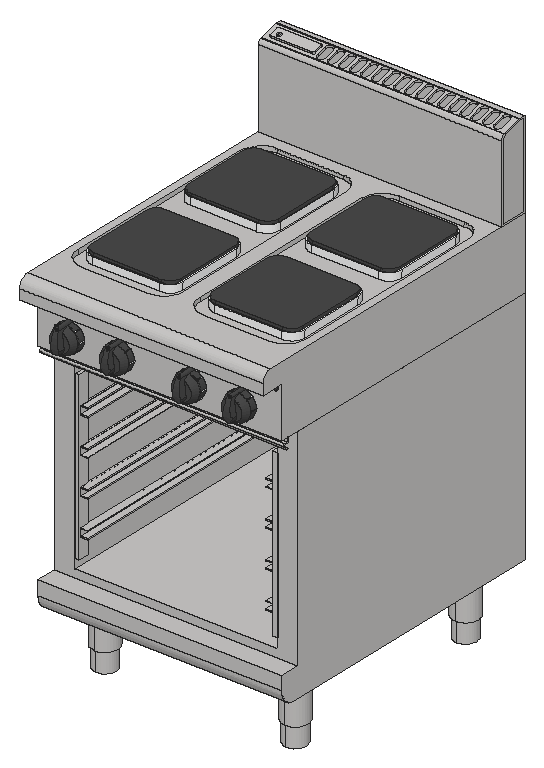
Revit family "QF_Moffat_RN8400SE-CB_Electric_Cooktops_Sealed_Hobs_cat", category Specialty Equipment, Revit 2019 (continued)
Definition of nested family "High and Low Option"
  Lines and regions (mm)
    symbolic lines
      curve 11: spline (156.588, -25.991, 0) -> (156.928, -23.491, 0) -> (157.927, -21.162, 0) -> (159.517, -19.161, 0) -> (161.588, -17.626, 0) -> (164, -16.661, 0) -> (166.588, -16.332, 0) -> (169.176, -16.661, 0) -> (171.588, -17.626, 0) -> (173.659, -19.161, 0) -> (175.248, -21.162, 0) -> (176.247, -23.491, 0) -> (176.588, -25.991, 0)
      curve 12: line (176.588, -25.991, 0) -> (176.588, -50.251, 0)
      curve 13: spline (176.588, -50.251, 0) -> (176.247, -52.751, 0) -> (175.248, -55.081, 0) -> (173.659, -57.081, 0) -> (171.588, -58.616, 0) -> (169.176, -59.581, 0) -> (166.588, -59.91, 0) -> (164, -59.581, 0) -> (161.588, -58.616, 0) -> (159.517, -57.081, 0) -> (157.927, -55.081, 0) -> (156.928, -52.751, 0) -> (156.588, -50.251, 0)
      curve 14: line (183.868, -50.251, 0) -> (183.868, -25.991, 0)
      curve 15: spline (183.868, -25.991, 0) -> (184.209, -23.491, 0) -> (185.208, -21.162, 0) -> (186.797, -19.161, 0) -> (188.868, -17.626, 0) -> (191.28, -16.661, 0) -> (193.868, -16.332, 0) -> (196.456, -16.661, 0) -> (198.868, -17.626, 0) -> (200.939, -19.161, 0) -> (202.528, -21.162, 0) -> (203.527, -23.491, 0) -> (203.868, -25.991, 0)
      curve 16: line (203.868, -25.991, 0) -> (203.868, -50.251, 0)
      curve 17: spline (203.868, -50.251, 0) -> (203.527, -52.751, 0) -> (202.528, -55.081, 0) -> (200.939, -57.081, 0) -> (198.868, -58.616, 0) -> (196.456, -59.581, 0) -> (193.868, -59.91, 0) -> (191.28, -59.581, 0) -> (188.868, -58.616, 0) -> (186.797, -57.081, 0) -> (185.208, -55.081, 0) -> (184.209, -52.751, 0) -> (183.868, -50.251, 0)
      curve 18: line (211.148, -50.251, 0) -> (211.148, -25.991, 0)
      curve 19: spline (211.148, -25.991, 0) -> (211.489, -23.491, 0) -> (212.488, -21.162, 0) -> (214.077, -19.161, 0) -> (216.148, -17.626, 0) -> (218.56, -16.661, 0) -> (221.148, -16.332, 0) -> (223.736, -16.661, 0) -> (226.148, -17.626, 0) -> (228.219, -19.161, 0) -> (229.808, -21.162, 0) -> (230.807, -23.491, 0) -> (231.148, -25.991, 0)
      curve 20: line (231.148, -25.991, 0) -> (231.148, -50.251, 0)
      curve 21: spline (231.148, -50.251, 0) -> (230.807, -52.751, 0) -> (229.808, -55.081, 0) -> (228.219, -57.081, 0) -> (226.148, -58.616, 0) -> (223.736, -59.581, 0) -> (221.148, -59.91, 0) -> (218.56, -59.581, 0) -> (216.148, -58.616, 0) -> (214.077, -57.081, 0) -> (212.488, -55.081, 0) -> (211.489, -52.751, 0) -> (211.148, -50.251, 0)
      curve 22: line (238.428, -50.251, 0) -> (238.428, -25.991, 0)
      curve 23: spline (238.428, -25.991, 0) -> (238.769, -23.491, 0) -> (239.768, -21.162, 0) -> (241.357, -19.161, 0) -> (243.428, -17.626, 0) -> (245.84, -16.661, 0) -> (248.428, -16.332, 0) -> (251.017, -16.661, 0) -> (253.428, -17.626, 0) -> (255.499, -19.161, 0) -> (257.089, -21.162, 0) -> (258.088, -23.491, 0) -> (258.428, -25.991, 0)
      curve 24: line (258.428, -25.991, 0) -> (258.428, -50.251, 0)
      curve 25: spline (258.428, -50.251, 0) -> (258.088, -52.751, 0) -> (257.089, -55.081, 0) -> (255.499, -57.081, 0) -> (253.428, -58.616, 0) -> (251.017, -59.581, 0) -> (248.428, -59.91, 0) -> (245.84, -59.581, 0) -> (243.428, -58.616, 0) -> (241.357, -57.081, 0) -> (239.768, -55.081, 0) -> (238.769, -52.751, 0) -> (238.428, -50.251, 0)
      curve 26: line (265.709, -50.251, 0) -> (265.709, -25.991, 0)
      curve 27: spline (265.709, -25.991, 0) -> (266.049, -23.491, 0) -> (267.048, -21.162, 0) -> (268.637, -19.161, 0) -> (270.709, -17.626, 0) -> (273.12, -16.661, 0) -> (275.709, -16.332, 0) -> (278.297, -16.661, 0) -> (280.709, -17.626, 0) -> (282.78, -19.161, 0) -> (284.369, -21.162, 0) -> (285.368, -23.491, 0) -> (285.709, -25.991, 0)
      curve 28: line (285.709, -25.991, 0) -> (285.709, -50.251, 0)
      curve 29: spline (285.709, -50.251, 0) -> (285.368, -52.751, 0) -> (284.369, -55.081, 0) -> (282.78, -57.081, 0) -> (280.709, -58.616, 0) -> (278.297, -59.581, 0) -> (275.709, -59.91, 0) -> (273.12, -59.581, 0) -> (270.709, -58.616, 0) -> (268.637, -57.081, 0) -> (267.048, -55.081, 0) -> (266.049, -52.751, 0) -> (265.709, -50.251, 0)
      curve 30: line (292.989, -50.251, 0) -> (292.989, -25.991, 0)
      curve 31: spline (292.989, -25.991, 0) -> (293.329, -23.491, 0) -> (294.329, -21.162, 0) -> (295.918, -19.161, 0) -> (297.989, -17.626, 0) -> (300.401, -16.661, 0) -> (302.989, -16.332, 0) -> (305.577, -16.661, 0) -> (307.989, -17.626, 0) -> (310.06, -19.161, 0) -> (311.649, -21.162, 0) -> (312.648, -23.491, 0) -> (312.989, -25.991, 0)
      curve 32: line (312.989, -25.991, 0) -> (312.989, -50.251, 0)
      curve 33: spline (312.989, -50.251, 0) -> (312.648, -52.751, 0) -> (311.649, -55.081, 0) -> (310.06, -57.081, 0) -> (307.989, -58.616, 0) -> (305.577, -59.581, 0) -> (302.989, -59.91, 0) -> (300.401, -59.581, 0) -> (297.989, -58.616, 0) -> (295.918, -57.081, 0) -> (294.329, -55.081, 0) -> (293.329, -52.751, 0) -> (292.989, -50.251, 0)
      curve 34: line (320.269, -50.251, 0) -> (320.269, -25.991, 0)
      curve 35: spline (320.269, -25.991, 0) -> (320.61, -23.491, 0) -> (321.609, -21.162, 0) -> (323.198, -19.161, 0) -> (325.269, -17.626, 0) -> (327.681, -16.661, 0) -> (330.269, -16.332, 0) -> (332.857, -16.661, 0) -> (335.269, -17.626, 0) -> (337.34, -19.161, 0) -> (338.929, -21.162, 0) -> (339.928, -23.491, 0) -> (340.269, -25.991, 0)
      curve 36: line (340.269, -25.991, 0) -> (340.269, -50.251, 0)
      curve 37: spline (340.269, -50.251, 0) -> (339.928, -52.751, 0) -> (338.929, -55.081, 0) -> (337.34, -57.081, 0) -> (335.269, -58.616, 0) -> (332.857, -59.581, 0) -> (330.269, -59.91, 0) -> (327.681, -59.581, 0) -> (325.269, -58.616, 0) -> (323.198, -57.081, 0) -> (321.609, -55.081, 0) -> (320.61, -52.751, 0) -> (320.269, -50.251, 0)
      curve 38: line (347.549, -50.251, 0) -> (347.549, -25.991, 0)
      curve 39: spline (347.549, -25.991, 0) -> (347.89, -23.491, 0) -> (348.889, -21.162, 0) -> (350.478, -19.161, 0) -> (352.549, -17.626, 0) -> (354.961, -16.661, 0) -> (357.549, -16.332, 0) -> (360.137, -16.661, 0) -> (362.549, -17.626, 0) -> (364.62, -19.161, 0) -> (366.209, -21.162, 0) -> (367.208, -23.491, 0) -> (367.549, -25.991, 0)
      curve 40: line (367.549, -25.991, 0) -> (367.549, -50.251, 0)
      curve 41: spline (367.549, -50.251, 0) -> (367.208, -52.751, 0) -> (366.209, -55.081, 0) -> (364.62, -57.081, 0) -> (362.549, -58.616, 0) -> (360.137, -59.581, 0) -> (357.549, -59.91, 0) -> (354.961, -59.581, 0) -> (352.549, -58.616, 0) -> (350.478, -57.081, 0) -> (348.889, -55.081, 0) -> (347.89, -52.751, 0) -> (347.549, -50.251, 0)
      curve 42: line (374.829, -50.251, 0) -> (374.829, -25.991, 0)
      curve 43: spline (374.829, -25.991, 0) -> (375.17, -23.491, 0) -> (376.169, -21.162, 0) -> (377.758, -19.161, 0) -> (379.829, -17.626, 0) -> (382.241, -16.661, 0) -> (384.829, -16.332, 0) -> (387.418, -16.661, 0) -> (389.829, -17.626, 0) -> (391.9, -19.161, 0) -> (393.49, -21.162, 0) -> (394.489, -23.491, 0) -> (394.829, -25.991, 0)
      curve 44: line (394.829, -25.991, 0) -> (394.829, -50.251, 0)
      curve 45: spline (394.829, -50.251, 0) -> (394.489, -52.751, 0) -> (393.49, -55.081, 0) -> (391.9, -57.081, 0) -> (389.829, -58.616, 0) -> (387.418, -59.581, 0) -> (384.829, -59.91, 0) -> (382.241, -59.581, 0) -> (379.829, -58.616, 0) -> (377.758, -57.081, 0) -> (376.169, -55.081, 0) -> (375.17, -52.751, 0) -> (374.829, -50.251, 0)
      curve 46: line (402.11, -50.251, 0) -> (402.11, -25.991, 0)
      curve 47: spline (402.11, -25.991, 0) -> (402.45, -23.491, 0) -> (403.449, -21.162, 0) -> (405.039, -19.161, 0) -> (407.11, -17.626, 0) -> (409.521, -16.661, 0) -> (412.11, -16.332, 0) -> (414.698, -16.661, 0) -> (417.11, -17.626, 0) -> (419.181, -19.161, 0) -> (420.77, -21.162, 0) -> (421.769, -23.491, 0) -> (422.11, -25.991, 0)
      curve 48: line (422.11, -25.991, 0) -> (422.11, -50.251, 0)
      curve 49: spline (422.11, -50.251, 0) -> (421.769, -52.751, 0) -> (420.77, -55.081, 0) -> (419.181, -57.081, 0) -> (417.11, -58.616, 0) -> (414.698, -59.581, 0) -> (412.11, -59.91, 0) -> (409.521, -59.581, 0) -> (407.11, -58.616, 0) -> (405.039, -57.081, 0) -> (403.449, -55.081, 0) -> (402.45, -52.751, 0) -> (402.11, -50.251, 0)
      curve 50: line (429.39, -50.251, 0) -> (429.39, -25.991, 0)
      curve 51: spline (429.39, -25.991, 0) -> (429.731, -23.491, 0) -> (430.73, -21.162, 0) -> (432.319, -19.161, 0) -> (434.39, -17.626, 0) -> (436.802, -16.661, 0) -> (439.39, -16.332, 0) -> (441.978, -16.661, 0) -> (444.39, -17.626, 0) -> (446.461, -19.161, 0) -> (448.05, -21.162, 0) -> (449.049, -23.491, 0) -> (449.39, -25.991, 0)
      curve 52: line (449.39, -25.991, 0) -> (449.39, -50.251, 0)
      curve 53: spline (449.39, -50.251, 0) -> (449.049, -52.751, 0) -> (448.05, -55.081, 0) -> (446.461, -57.081, 0) -> (444.39, -58.616, 0) -> (441.978, -59.581, 0) -> (439.39, -59.91, 0) -> (436.802, -59.581, 0) -> (434.39, -58.616, 0) -> (432.319, -57.081, 0) -> (430.73, -55.081, 0) -> (429.731, -52.751, 0) -> (429.39, -50.251, 0)
      curve 54: line (456.67, -50.251, 0) -> (456.67, -25.991, 0)
      curve 55: spline (456.67, -25.991, 0) -> (457.011, -23.491, 0) -> (458.01, -21.162, 0) -> (459.599, -19.161, 0) -> (461.67, -17.626, 0) -> (464.082, -16.661, 0) -> (466.67, -16.332, 0) -> (469.258, -16.661, 0) -> (471.67, -17.626, 0) -> (473.741, -19.161, 0) -> (475.33, -21.162, 0) -> (476.329, -23.491, 0) -> (476.67, -25.991, 0)
      curve 56: line (476.67, -25.991, 0) -> (476.67, -50.251, 0)
      curve 57: spline (476.67, -50.251, 0) -> (476.329, -52.751, 0) -> (475.33, -55.081, 0) -> (473.741, -57.081, 0) -> (471.67, -58.616, 0) -> (469.258, -59.581, 0) -> (466.67, -59.91, 0) -> (464.082, -59.581, 0) -> (461.67, -58.616, 0) -> (459.599, -57.081, 0) -> (458.01, -55.081, 0) -> (457.011, -52.751, 0) -> (456.67, -50.251, 0)
      curve 58: line (483.95, -50.251, 0) -> (483.95, -25.991, 0)
      curve 59: spline (483.95, -25.991, 0) -> (484.291, -23.491, 0) -> (485.29, -21.162, 0) -> (486.879, -19.161, 0) -> (488.95, -17.626, 0) -> (491.362, -16.661, 0) -> (493.95, -16.332, 0) -> (496.538, -16.661, 0) -> (498.95, -17.626, 0) -> (501.021, -19.161, 0) -> (502.61, -21.162, 0) -> (503.609, -23.491, 0) -> (503.95, -25.991, 0)
      curve 60: line (503.95, -25.991, 0) -> (503.95, -50.251, 0)
      curve 61: spline (503.95, -50.251, 0) -> (503.609, -52.751, 0) -> (502.61, -55.081, 0) -> (501.021, -57.081, 0) -> (498.95, -58.616, 0) -> (496.538, -59.581, 0) -> (493.95, -59.91, 0) -> (491.362, -59.581, 0) -> (488.95, -58.616, 0) -> (486.879, -57.081, 0) -> (485.29, -55.081, 0) -> (484.291, -52.751, 0) -> (483.95, -50.251, 0)
      curve 62: line (511.23, -50.251, 0) -> (511.23, -25.991, 0)
      curve 63: spline (511.23, -25.991, 0) -> (511.571, -23.491, 0) -> (512.57, -21.162, 0) -> (514.159, -19.161, 0) -> (516.23, -17.626, 0) -> (518.642, -16.661, 0) -> (521.23, -16.332, 0) -> (523.819, -16.661, 0) -> (526.23, -17.626, 0) -> (528.302, -19.161, 0) -> (529.891, -21.162, 0) -> (530.89, -23.491, 0) -> (531.23, -25.991, 0)
      curve 64: line (531.23, -25.991, 0) -> (531.23, -50.251, 0)
      curve 65: spline (531.23, -50.251, 0) -> (530.89, -52.751, 0) -> (529.891, -55.081, 0) -> (528.302, -57.081, 0) -> (526.23, -58.616, 0) -> (523.819, -59.581, 0) -> (521.23, -59.91, 0) -> (518.642, -59.581, 0) -> (516.23, -58.616, 0) -> (514.159, -57.081, 0) -> (512.57, -55.081, 0) -> (511.571, -52.751, 0) -> (511.23, -50.251, 0)
      curve 66: line (538.511, -50.251, 0) -> (538.511, -25.991, 0)
      curve 67: spline (538.511, -25.991, 0) -> (538.851, -23.491, 0) -> (539.85, -21.162, 0) -> (541.44, -19.161, 0) -> (543.511, -17.626, 0) -> (545.922, -16.661, 0) -> (548.511, -16.332, 0) -> (551.099, -16.661, 0) -> (553.511, -17.626, 0) -> (555.582, -19.161, 0) -> (557.171, -21.162, 0) -> (558.17, -23.491, 0) -> (558.511, -25.991, 0)
      curve 68: line (558.511, -25.991, 0) -> (558.511, -50.251, 0)
      curve 69: spline (558.511, -50.251, 0) -> (558.17, -52.751, 0) -> (557.171, -55.081, 0) -> (555.582, -57.081, 0) -> (553.511, -58.616, 0) -> (551.099, -59.581, 0) -> (548.511, -59.91, 0) -> (545.922, -59.581, 0) -> (543.511, -58.616, 0) -> (541.44, -57.081, 0) -> (539.85, -55.081, 0) -> (538.851, -52.751, 0) -> (538.511, -50.251, 0)
      curve 70: line (565.791, -50.251, 0) -> (565.791, -25.991, 0)
      curve 71: spline (565.791, -25.991, 0) -> (566.132, -23.491, 0) -> (567.131, -21.162, 0) -> (568.72, -19.161, 0) -> (570.791, -17.626, 0) -> (573.203, -16.661, 0) -> (575.791, -16.332, 0) -> (578.379, -16.661, 0) -> (580.791, -17.626, 0) -> (582.862, -19.161, 0) -> (584.451, -21.162, 0) -> (585.45, -23.491, 0) -> (585.791, -25.991, 0)
      curve 72: line (585.791, -25.991, 0) -> (585.791, -50.251, 0)
      curve 73: spline (585.791, -50.251, 0) -> (585.45, -52.751, 0) -> (584.451, -55.081, 0) -> (582.862, -57.081, 0) -> (580.791, -58.616, 0) -> (578.379, -59.581, 0) -> (575.791, -59.91, 0) -> (573.203, -59.581, 0) -> (570.791, -58.616, 0) -> (568.72, -57.081, 0) -> (567.131, -55.081, 0) -> (566.132, -52.751, 0) -> (565.791, -50.251, 0)
      curve 146: line (0, 0, 0) -> (600, 0, 0)
      curve 147: line (0, -70, 0) -> (0, 0, 0)
      curve 148: line (600, -70, 0) -> (0, -70, 0)
      curve 149: line (600, 0, 0) -> (600, -70, 0)
    symbolic lines, not visible
      curve 74: line (0, 0, 0) -> (600, 0, 0)
      curve 75: line (0, -70, 0) -> (0, 0, 0)
      curve 76: line (600, -70, 0) -> (0, -70, 0)
      curve 77: line (600, 0, 0) -> (600, -70, 0)
      curve 78: line (129.307, -50.251, 0) -> (129.307, -25.991, 0)
      curve 79: spline (129.307, -25.991, 0) -> (129.648, -23.491, 0) -> (130.647, -21.162, 0) -> (132.236, -19.161, 0) -> (134.307, -17.626, 0) -> (136.719, -16.661, 0) -> (139.307, -16.332, 0) -> (141.896, -16.661, 0) -> (144.307, -17.626, 0) -> (146.379, -19.161, 0) -> (147.968, -21.162, 0) -> (148.967, -23.491, 0) -> (149.307, -25.991, 0)
      curve 80: line (149.307, -25.991, 0) -> (149.307, -50.251, 0)
      curve 81: spline (149.307, -50.251, 0) -> (148.967, -52.751, 0) -> (147.968, -55.081, 0) -> (146.379, -57.081, 0) -> (144.307, -58.616, 0) -> (141.896, -59.581, 0) -> (139.307, -59.91, 0) -> (136.719, -59.581, 0) -> (134.307, -58.616, 0) -> (132.236, -57.081, 0) -> (130.647, -55.081, 0) -> (129.648, -52.751, 0) -> (129.307, -50.251, 0)
      curve 82: line (156.588, -50.251, 0) -> (156.588, -25.991, 0)
      curve 83: spline (156.588, -25.991, 0) -> (156.928, -23.491, 0) -> (157.927, -21.162, 0) -> (159.517, -19.161, 0) -> (161.588, -17.626, 0) -> (164, -16.661, 0) -> (166.588, -16.332, 0) -> (169.176, -16.661, 0) -> (171.588, -17.626, 0) -> (173.659, -19.161, 0) -> (175.248, -21.162, 0) -> (176.247, -23.491, 0) -> (176.588, -25.991, 0)
      curve 84: line (176.588, -25.991, 0) -> (176.588, -50.251, 0)
      curve 85: spline (176.588, -50.251, 0) -> (176.247, -52.751, 0) -> (175.248, -55.081, 0) -> (173.659, -57.081, 0) -> (171.588, -58.616, 0) -> (169.176, -59.581, 0) -> (166.588, -59.91, 0) -> (164, -59.581, 0) -> (161.588, -58.616, 0) -> (159.517, -57.081, 0) -> (157.927, -55.081, 0) -> (156.928, -52.751, 0) -> (156.588, -50.251, 0)
      curve 86: line (183.868, -50.251, 0) -> (183.868, -25.991, 0)
      curve 87: spline (183.868, -25.991, 0) -> (184.209, -23.491, 0) -> (185.208, -21.162, 0) -> (186.797, -19.161, 0) -> (188.868, -17.626, 0) -> (191.28, -16.661, 0) -> (193.868, -16.332, 0) -> (196.456, -16.661, 0) -> (198.868, -17.626, 0) -> (200.939, -19.161, 0) -> (202.528, -21.162, 0) -> (203.527, -23.491, 0) -> (203.868, -25.991, 0)
      curve 88: line (203.868, -25.991, 0) -> (203.868, -50.251, 0)
      curve 89: spline (203.868, -50.251, 0) -> (203.527, -52.751, 0) -> (202.528, -55.081, 0) -> (200.939, -57.081, 0) -> (198.868, -58.616, 0) -> (196.456, -59.581, 0) -> (193.868, -59.91, 0) -> (191.28, -59.581, 0) -> (188.868, -58.616, 0) -> (186.797, -57.081, 0) -> (185.208, -55.081, 0) -> (184.209, -52.751, 0) -> (183.868, -50.251, 0)
      curve 90: line (211.148, -50.251, 0) -> (211.148, -25.991, 0)
      curve 91: spline (211.148, -25.991, 0) -> (211.489, -23.491, 0) -> (212.488, -21.162, 0) -> (214.077, -19.161, 0) -> (216.148, -17.626, 0) -> (218.56, -16.661, 0) -> (221.148, -16.332, 0) -> (223.736, -16.661, 0) -> (226.148, -17.626, 0) -> (228.219, -19.161, 0) -> (229.808, -21.162, 0) -> (230.807, -23.491, 0) -> (231.148, -25.991, 0)
      curve 92: line (231.148, -25.991, 0) -> (231.148, -50.251, 0)
      curve 93: spline (231.148, -50.251, 0) -> (230.807, -52.751, 0) -> (229.808, -55.081, 0) -> (228.219, -57.081, 0) -> (226.148, -58.616, 0) -> (223.736, -59.581, 0) -> (221.148, -59.91, 0) -> (218.56, -59.581, 0) -> (216.148, -58.616, 0) -> (214.077, -57.081, 0) -> (212.488, -55.081, 0) -> (211.489, -52.751, 0) -> (211.148, -50.251, 0)
      curve 94: line (238.428, -50.251, 0) -> (238.428, -25.991, 0)
      curve 95: spline (238.428, -25.991, 0) -> (238.769, -23.491, 0) -> (239.768, -21.162, 0) -> (241.357, -19.161, 0) -> (243.428, -17.626, 0) -> (245.84, -16.661, 0) -> (248.428, -16.332, 0) -> (251.017, -16.661, 0) -> (253.428, -17.626, 0) -> (255.499, -19.161, 0) -> (257.089, -21.162, 0) -> (258.088, -23.491, 0) -> (258.428, -25.991, 0)
      curve 96: line (258.428, -25.991, 0) -> (258.428, -50.251, 0)
      curve 97: spline (258.428, -50.251, 0) -> (258.088, -52.751, 0) -> (257.089, -55.081, 0) -> (255.499, -57.081, 0) -> (253.428, -58.616, 0) -> (251.017, -59.581, 0) -> (248.428, -59.91, 0) -> (245.84, -59.581, 0) -> (243.428, -58.616, 0) -> (241.357, -57.081, 0) -> (239.768, -55.081, 0) -> (238.769, -52.751, 0) -> (238.428, -50.251, 0)
      curve 98: line (265.709, -50.251, 0) -> (265.709, -25.991, 0)
      curve 99: spline (265.709, -25.991, 0) -> (266.049, -23.491, 0) -> (267.048, -21.162, 0) -> (268.637, -19.161, 0) -> (270.709, -17.626, 0) -> (273.12, -16.661, 0) -> (275.709, -16.332, 0) -> (278.297, -16.661, 0) -> (280.709, -17.626, 0) -> (282.78, -19.161, 0) -> (284.369, -21.162, 0) -> (285.368, -23.491, 0) -> (285.709, -25.991, 0)
      curve 100: line (285.709, -25.991, 0) -> (285.709, -50.251, 0)
      curve 101: spline (285.709, -50.251, 0) -> (285.368, -52.751, 0) -> (284.369, -55.081, 0) -> (282.78, -57.081, 0) -> (280.709, -58.616, 0) -> (278.297, -59.581, 0) -> (275.709, -59.91, 0) -> (273.12, -59.581, 0) -> (270.709, -58.616, 0) -> (268.637, -57.081, 0) -> (267.048, -55.081, 0) -> (266.049, -52.751, 0) -> (265.709, -50.251, 0)
      curve 102: line (292.989, -50.251, 0) -> (292.989, -25.991, 0)
      curve 103: spline (292.989, -25.991, 0) -> (293.329, -23.491, 0) -> (294.329, -21.162, 0) -> (295.918, -19.161, 0) -> (297.989, -17.626, 0) -> (300.401, -16.661, 0) -> (302.989, -16.332, 0) -> (305.577, -16.661, 0) -> (307.989, -17.626, 0) -> (310.06, -19.161, 0) -> (311.649, -21.162, 0) -> (312.648, -23.491, 0) -> (312.989, -25.991, 0)
      curve 104: line (312.989, -25.991, 0) -> (312.989, -50.251, 0)
      curve 105: spline (312.989, -50.251, 0) -> (312.648, -52.751, 0) -> (311.649, -55.081, 0) -> (310.06, -57.081, 0) -> (307.989, -58.616, 0) -> (305.577, -59.581, 0) -> (302.989, -59.91, 0) -> (300.401, -59.581, 0) -> (297.989, -58.616, 0) -> (295.918, -57.081, 0) -> (294.329, -55.081, 0) -> (293.329, -52.751, 0) -> (292.989, -50.251, 0)
      curve 106: line (320.269, -50.251, 0) -> (320.269, -25.991, 0)
      curve 107: spline (320.269, -25.991, 0) -> (320.61, -23.491, 0) -> (321.609, -21.162, 0) -> (323.198, -19.161, 0) -> (325.269, -17.626, 0) -> (327.681, -16.661, 0) -> (330.269, -16.332, 0) -> (332.857, -16.661, 0) -> (335.269, -17.626, 0) -> (337.34, -19.161, 0) -> (338.929, -21.162, 0) -> (339.928, -23.491, 0) -> (340.269, -25.991, 0)
      curve 108: line (340.269, -25.991, 0) -> (340.269, -50.251, 0)
      curve 109: spline (340.269, -50.251, 0) -> (339.928, -52.751, 0) -> (338.929, -55.081, 0) -> (337.34, -57.081, 0) -> (335.269, -58.616, 0) -> (332.857, -59.581, 0) -> (330.269, -59.91, 0) -> (327.681, -59.581, 0) -> (325.269, -58.616, 0) -> (323.198, -57.081, 0) -> (321.609, -55.081, 0) -> (320.61, -52.751, 0) -> (320.269, -50.251, 0)
      curve 110: line (347.549, -50.251, 0) -> (347.549, -25.991, 0)
      curve 111: spline (347.549, -25.991, 0) -> (347.89, -23.491, 0) -> (348.889, -21.162, 0) -> (350.478, -19.161, 0) -> (352.549, -17.626, 0) -> (354.961, -16.661, 0) -> (357.549, -16.332, 0) -> (360.137, -16.661, 0) -> (362.549, -17.626, 0) -> (364.62, -19.161, 0) -> (366.209, -21.162, 0) -> (367.208, -23.491, 0) -> (367.549, -25.991, 0)
      curve 112: line (367.549, -25.991, 0) -> (367.549, -50.251, 0)
      curve 113: spline (367.549, -50.251, 0) -> (367.208, -52.751, 0) -> (366.209, -55.081, 0) -> (364.62, -57.081, 0) -> (362.549, -58.616, 0) -> (360.137, -59.581, 0) -> (357.549, -59.91, 0) -> (354.961, -59.581, 0) -> (352.549, -58.616, 0) -> (350.478, -57.081, 0) -> (348.889, -55.081, 0) -> (347.89, -52.751, 0) -> (347.549, -50.251, 0)
      curve 114: line (374.829, -50.251, 0) -> (374.829, -25.991, 0)
      curve 115: spline (374.829, -25.991, 0) -> (375.17, -23.491, 0) -> (376.169, -21.162, 0) -> (377.758, -19.161, 0) -> (379.829, -17.626, 0) -> (382.241, -16.661, 0) -> (384.829, -16.332, 0) -> (387.418, -16.661, 0) -> (389.829, -17.626, 0) -> (391.9, -19.161, 0) -> (393.49, -21.162, 0) -> (394.489, -23.491, 0) -> (394.829, -25.991, 0)
      curve 116: line (394.829, -25.991, 0) -> (394.829, -50.251, 0)
      curve 117: spline (394.829, -50.251, 0) -> (394.489, -52.751, 0) -> (393.49, -55.081, 0) -> (391.9, -57.081, 0) -> (389.829, -58.616, 0) -> (387.418, -59.581, 0) -> (384.829, -59.91, 0) -> (382.241, -59.581, 0) -> (379.829, -58.616, 0) -> (377.758, -57.081, 0) -> (376.169, -55.081, 0) -> (375.17, -52.751, 0) -> (374.829, -50.251, 0)
      curve 118: line (402.11, -50.251, 0) -> (402.11, -25.991, 0)
      curve 119: spline (402.11, -25.991, 0) -> (402.45, -23.491, 0) -> (403.449, -21.162, 0) -> (405.039, -19.161, 0) -> (407.11, -17.626, 0) -> (409.521, -16.661, 0) -> (412.11, -16.332, 0) -> (414.698, -16.661, 0) -> (417.11, -17.626, 0) -> (419.181, -19.161, 0) -> (420.77, -21.162, 0) -> (421.769, -23.491, 0) -> (422.11, -25.991, 0)
      curve 120: line (422.11, -25.991, 0) -> (422.11, -50.251, 0)
      curve 121: spline (422.11, -50.251, 0) -> (421.769, -52.751, 0) -> (420.77, -55.081, 0) -> (419.181, -57.081, 0) -> (417.11, -58.616, 0) -> (414.698, -59.581, 0) -> (412.11, -59.91, 0) -> (409.521, -59.581, 0) -> (407.11, -58.616, 0) -> (405.039, -57.081, 0) -> (403.449, -55.081, 0) -> (402.45, -52.751, 0) -> (402.11, -50.251, 0)
      curve 122: line (429.39, -50.251, 0) -> (429.39, -25.991, 0)
      curve 123: spline (429.39, -25.991, 0) -> (429.731, -23.491, 0) -> (430.73, -21.162, 0) -> (432.319, -19.161, 0) -> (434.39, -17.626, 0) -> (436.802, -16.661, 0) -> (439.39, -16.332, 0) -> (441.978, -16.661, 0) -> (444.39, -17.626, 0) -> (446.461, -19.161, 0) -> (448.05, -21.162, 0) -> (449.049, -23.491, 0) -> (449.39, -25.991, 0)
      curve 124: line (449.39, -25.991, 0) -> (449.39, -50.251, 0)
      curve 125: spline (449.39, -50.251, 0) -> (449.049, -52.751, 0) -> (448.05, -55.081, 0) -> (446.461, -57.081, 0) -> (444.39, -58.616, 0) -> (441.978, -59.581, 0) -> (439.39, -59.91, 0) -> (436.802, -59.581, 0) -> (434.39, -58.616, 0) -> (432.319, -57.081, 0) -> (430.73, -55.081, 0) -> (429.731, -52.751, 0) -> (429.39, -50.251, 0)
      curve 126: line (456.67, -50.251, 0) -> (456.67, -25.991, 0)
      curve 127: spline (456.67, -25.991, 0) -> (457.011, -23.491, 0) -> (458.01, -21.162, 0) -> (459.599, -19.161, 0) -> (461.67, -17.626, 0) -> (464.082, -16.661, 0) -> (466.67, -16.332, 0) -> (469.258, -16.661, 0) -> (471.67, -17.626, 0) -> (473.741, -19.161, 0) -> (475.33, -21.162, 0) -> (476.329, -23.491, 0) -> (476.67, -25.991, 0)
      curve 128: line (476.67, -25.991, 0) -> (476.67, -50.251, 0)
      curve 129: spline (476.67, -50.251, 0) -> (476.329, -52.751, 0) -> (475.33, -55.081, 0) -> (473.741, -57.081, 0) -> (471.67, -58.616, 0) -> (469.258, -59.581, 0) -> (466.67, -59.91, 0) -> (464.082, -59.581, 0) -> (461.67, -58.616, 0) -> (459.599, -57.081, 0) -> (458.01, -55.081, 0) -> (457.011, -52.751, 0) -> (456.67, -50.251, 0)
      curve 130: line (483.95, -50.251, 0) -> (483.95, -25.991, 0)
      curve 131: spline (483.95, -25.991, 0) -> (484.291, -23.491, 0) -> (485.29, -21.162, 0) -> (486.879, -19.161, 0) -> (488.95, -17.626, 0) -> (491.362, -16.661, 0) -> (493.95, -16.332, 0) -> (496.538, -16.661, 0) -> (498.95, -17.626, 0) -> (501.021, -19.161, 0) -> (502.61, -21.162, 0) -> (503.609, -23.491, 0) -> (503.95, -25.991, 0)
      curve 132: line (503.95, -25.991, 0) -> (503.95, -50.251, 0)
      curve 133: spline (503.95, -50.251, 0) -> (503.609, -52.751, 0) -> (502.61, -55.081, 0) -> (501.021, -57.081, 0) -> (498.95, -58.616, 0) -> (496.538, -59.581, 0) -> (493.95, -59.91, 0) -> (491.362, -59.581, 0) -> (488.95, -58.616, 0) -> (486.879, -57.081, 0) -> (485.29, -55.081, 0) -> (484.291, -52.751, 0) -> (483.95, -50.251, 0)
      curve 134: line (511.23, -50.251, 0) -> (511.23, -25.991, 0)
      curve 135: spline (511.23, -25.991, 0) -> (511.571, -23.491, 0) -> (512.57, -21.162, 0) -> (514.159, -19.161, 0) -> (516.23, -17.626, 0) -> (518.642, -16.661, 0) -> (521.23, -16.332, 0) -> (523.819, -16.661, 0) -> (526.23, -17.626, 0) -> (528.302, -19.161, 0) -> (529.891, -21.162, 0) -> (530.89, -23.491, 0) -> (531.23, -25.991, 0)
      curve 136: line (531.23, -25.991, 0) -> (531.23, -50.251, 0)
      curve 137: spline (531.23, -50.251, 0) -> (530.89, -52.751, 0) -> (529.891, -55.081, 0) -> (528.302, -57.081, 0) -> (526.23, -58.616, 0) -> (523.819, -59.581, 0) -> (521.23, -59.91, 0) -> (518.642, -59.581, 0) -> (516.23, -58.616, 0) -> (514.159, -57.081, 0) -> (512.57, -55.081, 0) -> (511.571, -52.751, 0) -> (511.23, -50.251, 0)
      curve 138: line (538.511, -50.251, 0) -> (538.511, -25.991, 0)
      curve 139: spline (538.511, -25.991, 0) -> (538.851, -23.491, 0) -> (539.85, -21.162, 0) -> (541.44, -19.161, 0) -> (543.511, -17.626, 0) -> (545.922, -16.661, 0) -> (548.511, -16.332, 0) -> (551.099, -16.661, 0) -> (553.511, -17.626, 0) -> (555.582, -19.161, 0) -> (557.171, -21.162, 0) -> (558.17, -23.491, 0) -> (558.511, -25.991, 0)
      curve 140: line (558.511, -25.991, 0) -> (558.511, -50.251, 0)
      curve 141: spline (558.511, -50.251, 0) -> (558.17, -52.751, 0) -> (557.171, -55.081, 0) -> (555.582, -57.081, 0) -> (553.511, -58.616, 0) -> (551.099, -59.581, 0) -> (548.511, -59.91, 0) -> (545.922, -59.581, 0) -> (543.511, -58.616, 0) -> (541.44, -57.081, 0) -> (539.85, -55.081, 0) -> (538.851, -52.751, 0) -> (538.511, -50.251, 0)
      curve 142: line (565.791, -50.251, 0) -> (565.791, -25.991, 0)
      curve 143: spline (565.791, -25.991, 0) -> (566.132, -23.491, 0) -> (567.131, -21.162, 0) -> (568.72, -19.161, 0) -> (570.791, -17.626, 0) -> (573.203, -16.661, 0) -> (575.791, -16.332, 0) -> (578.379, -16.661, 0) -> (580.791, -17.626, 0) -> (582.862, -19.161, 0) -> (584.451, -21.162, 0) -> (585.45, -23.491, 0) -> (585.791, -25.991, 0)
      curve 144: line (585.791, -25.991, 0) -> (585.791, -50.251, 0)
      curve 145: spline (585.791, -50.251, 0) -> (585.45, -52.751, 0) -> (584.451, -55.081, 0) -> (582.862, -57.081, 0) -> (580.791, -58.616, 0) -> (578.379, -59.581, 0) -> (575.791, -59.91, 0) -> (573.203, -59.581, 0) -> (570.791, -58.616, 0) -> (568.72, -57.081, 0) -> (567.131, -55.081, 0) -> (566.132, -52.751, 0) -> (565.791, -50.251, 0)
      curve 150: line (0, 0, 0) -> (600, 0, 0)
      curve 151: line (0, -70, 0) -> (0, 0, 0)
      curve 152: line (600, -70, 0) -> (0, -70, 0)
      curve 153: line (600, 0, 0) -> (600, -70, 0)
  Dimensions and locks
    equal spacing: plane 3 "LEFT", plane 7 "Center Y", plane 4 "RIGHT"
    "Length": plane 3 "LEFT" to plane 4 "RIGHT"
    equal spacing: plane 5 "FRONT", plane 8 "Center X", plane 1 "BACK"
    "Depth": plane 5 "FRONT" to plane 1 "BACK"
    "Height": plane 6 "TOP" to level
    plane 4 "RIGHT" to plane 3 "LEFT" = 600 mm
    plane 1 "BACK" to plane 5 "FRONT" = 805 mm
    plane 9 to plane 10 = 769 mm
    plane 12 to plane 2 = 675 mm
    plane 6 "TOP" to level = 970 mm
    plane 13 to level = 1130 mm
    plane 13 to plane 15 = 215 mm
    aligned and locked: level to plane 2
  Automatic sketch dimensions
    plane 1 "BACK" to curve 1 = 71.587 mm
    curve 1 to plane 6 "TOP" = 46.75 mm
    curve 1 to curve 1 = 23 mm
    curve 2 to curve 6 = 129.307 mm
    curve 6 to curve 8 = 20 mm
    curve 8 to curve 10 = 7.28 mm
    curve 10 to curve 12 = 20 mm
    curve 12 to curve 14 = 7.28 mm
    curve 14 to curve 16 = 20 mm
    curve 16 to curve 18 = 7.28 mm
    curve 18 to curve 20 = 20 mm
    curve 20 to curve 22 = 7.28 mm
    curve 22 to curve 24 = 20 mm
    curve 24 to curve 26 = 7.28 mm
    curve 29 to curve 28 = 20 mm
    curve 27 to curve 30 = 7.28 mm
    curve 30 to curve 32 = 20 mm
    curve 33 to curve 34 = 7.28 mm
    curve 34 to curve 36 = 20 mm
    curve 37 to curve 38 = 7.28 mm
    curve 41 to curve 40 = 20 mm
    curve 41 to curve 42 = 7.28 mm
    curve 45 to curve 44 = 20 mm
    curve 45 to curve 46 = 7.28 mm
    curve 46 to curve 48 = 20 mm
    curve 49 to curve 50 = 7.28 mm
    curve 50 to curve 52 = 20 mm
    curve 53 to curve 54 = 7.28 mm
    curve 57 to curve 56 = 20 mm
    curve 57 to curve 58 = 7.28 mm
    curve 58 to curve 60 = 20 mm
    curve 61 to curve 62 = 7.28 mm
    curve 62 to curve 64 = 20 mm
    curve 65 to curve 66 = 7.28 mm
    curve 66 to curve 68 = 20 mm
    curve 69 to curve 70 = 7.28 mm
    curve 70 to curve 72 = 20 mm
    curve 3 to curve 6 = 19.749 mm
    curve 8 to curve 10 = 0 mm
    curve 12 to curve 14 = 0 mm
    curve 16 to curve 18 = 0 mm
    curve 20 to curve 22 = 0 mm
    curve 24 to curve 26 = 0 mm
    curve 29 to curve 30 = 0 mm
    curve 33 to curve 34 = 0 mm
    curve 37 to curve 38 = 0 mm
    curve 68 to curve 70 = 0 mm  (x2)
    curve 41 to curve 42 = 0 mm
    curve 64 to curve 69 = 0 mm
    curve 45 to curve 46 = 0 mm
    curve 60 to curve 65 = 0 mm
    curve 49 to curve 50 = 0 mm
    curve 56 to curve 58 = 0 mm  (x2)
    curve 52 to curve 52 = 24.26 mm
    curve 52 to curve 54 = 0 mm
    curve 48 to curve 51 = 0 mm
    curve 44 to curve 47 = 0 mm
    curve 59 to curve 62 = 0 mm
    curve 40 to curve 43 = 0 mm
    curve 64 to curve 66 = 0 mm
    curve 36 to curve 39 = 0 mm
    curve 32 to curve 35 = 0 mm
    curve 28 to curve 31 = 0 mm
    curve 24 to curve 27 = 0 mm
    curve 20 to curve 23 = 0 mm
    curve 16 to curve 19 = 0 mm
    curve 12 to curve 15 = 0 mm
    curve 8 to curve 11 = 0 mm
    curve 3 to curve 3 = 70 mm
    Extrusion 5 sketch curve to Extrusion 5 sketch curve = 11.379 mm  (x2)
    Extrusion 5 sketch curve to Extrusion 5 sketch curve = 0 mm  (x26)
    Extrusion 5 sketch curve to Extrusion 5 sketch curve = 25.116 mm  (x6)
    Extrusion 5 sketch curve to Extrusion 5 sketch curve = 47.732 mm
    Extrusion 5 sketch curve to Extrusion 5 sketch curve = 129.307 mm
    Extrusion 5 sketch curve to Extrusion 5 sketch curve = 10 mm  (x17)
    Extrusion 5 sketch curve to Extrusion 5 sketch curve = 7.28 mm  (x16)
    Extrusion 5 sketch curve to Extrusion 5 sketch curve = 14.209 mm
    curve 72 to curve 2 = 14.209 mm
    curve 72 to curve 71 = 24.26 mm
    curve 74 to curve 78 = 129.307 mm
    curve 78 to curve 80 = 20 mm
    curve 80 to curve 82 = 7.28 mm
    curve 82 to curve 84 = 20 mm
    curve 84 to curve 86 = 7.28 mm
    curve 86 to curve 88 = 20 mm
    curve 88 to curve 90 = 7.28 mm
    curve 90 to curve 92 = 20 mm
    curve 92 to curve 94 = 7.28 mm
    curve 94 to curve 96 = 20 mm
    curve 96 to curve 98 = 7.28 mm
    curve 101 to curve 100 = 20 mm
    curve 99 to curve 102 = 7.28 mm
    curve 102 to curve 104 = 20 mm
    curve 105 to curve 106 = 7.28 mm
    curve 106 to curve 108 = 20 mm
    curve 109 to curve 110 = 7.28 mm
    curve 113 to curve 112 = 20 mm
    curve 113 to curve 114 = 7.28 mm
    curve 117 to curve 116 = 20 mm
    curve 117 to curve 118 = 7.28 mm
    curve 118 to curve 120 = 20 mm
    curve 121 to curve 122 = 7.28 mm
    curve 122 to curve 124 = 20 mm
    curve 125 to curve 126 = 7.28 mm
    curve 129 to curve 128 = 20 mm
    curve 129 to curve 130 = 7.28 mm
    curve 130 to curve 132 = 20 mm
    curve 133 to curve 134 = 7.28 mm
    curve 134 to curve 136 = 20 mm
    curve 137 to curve 138 = 7.28 mm
    curve 138 to curve 140 = 20 mm
    curve 141 to curve 142 = 7.28 mm
    curve 142 to curve 144 = 20 mm
    curve 75 to curve 78 = 19.749 mm
    curve 80 to curve 82 = 0 mm
    curve 84 to curve 86 = 0 mm
    curve 88 to curve 90 = 0 mm
    curve 92 to curve 94 = 0 mm
    curve 96 to curve 98 = 0 mm
    curve 101 to curve 102 = 0 mm
    curve 105 to curve 106 = 0 mm
    curve 109 to curve 110 = 0 mm
    curve 140 to curve 142 = 0 mm  (x2)
    curve 113 to curve 114 = 0 mm
    curve 136 to curve 141 = 0 mm
    curve 117 to curve 118 = 0 mm
    curve 132 to curve 137 = 0 mm
    curve 121 to curve 122 = 0 mm
    curve 128 to curve 130 = 0 mm  (x2)
    curve 124 to curve 124 = 24.26 mm
    curve 124 to curve 126 = 0 mm
    curve 120 to curve 123 = 0 mm
    curve 116 to curve 119 = 0 mm
    curve 131 to curve 134 = 0 mm
    curve 112 to curve 115 = 0 mm
    curve 136 to curve 138 = 0 mm
    curve 108 to curve 111 = 0 mm
    curve 104 to curve 107 = 0 mm
    curve 100 to curve 103 = 0 mm
    curve 96 to curve 99 = 0 mm
    curve 92 to curve 95 = 0 mm
    curve 88 to curve 91 = 0 mm
    curve 84 to curve 87 = 0 mm
    curve 80 to curve 83 = 0 mm
    curve 75 to curve 75 = 70 mm
    Extrusion 10 sketch curve to Extrusion 10 sketch curve = 11.379 mm  (x2)
    Extrusion 10 sketch curve to Extrusion 10 sketch curve = 0 mm  (x26)
    Extrusion 10 sketch curve to Extrusion 10 sketch curve = 25.116 mm  (x6)
    Extrusion 10 sketch curve to Extrusion 10 sketch curve = 47.732 mm
    Extrusion 10 sketch curve to Extrusion 10 sketch curve = 129.307 mm
    Extrusion 10 sketch curve to Extrusion 10 sketch curve = 10 mm  (x17)
    Extrusion 10 sketch curve to Extrusion 10 sketch curve = 7.28 mm  (x16)
    Extrusion 10 sketch curve to Extrusion 10 sketch curve = 14.209 mm
    curve 144 to curve 74 = 14.209 mm
    curve 144 to curve 143 = 24.26 mm
    curve 147 to curve 148 = 600 mm
    curve 147 to curve 147 = 70 mm
    curve 151 to curve 152 = 600 mm
    curve 151 to curve 151 = 70 mm
    Extrusion 1 sketch curve to Extrusion 1 sketch curve = 15 mm
    Extrusion 1 sketch curve to Extrusion 1 sketch curve = 55 mm  (x2)
    Extrusion 1 sketch curve to Extrusion 1 sketch curve = 40 mm
    Extrusion 6 sketch curve to Extrusion 6 sketch curve = 15 mm
    Extrusion 6 sketch curve to Extrusion 6 sketch curve = 55 mm  (x2)
    Extrusion 6 sketch curve to Extrusion 6 sketch curve = 40 mm
    Extrusion 4 sketch curve to Extrusion 4 sketch curve = 8.8 mm
    Extrusion 4 sketch curve to Extrusion 4 sketch curve = 43.857 mm
    Extrusion 4 sketch curve to Extrusion 4 sketch curve = 63.6 mm
    Extrusion 4 sketch curve to Extrusion 4 sketch curve = 20.862 mm
    Extrusion 4 sketch curve to Extrusion 4 sketch curve = 187.738 mm
    Extrusion 4 sketch curve to Extrusion 4 sketch curve = 2.278 mm
    Extrusion 3 sketch curve to Extrusion 3 sketch curve = 8.84 mm
    Extrusion 3 sketch curve to Extrusion 3 sketch curve = 43.818 mm
    Extrusion 3 sketch curve to Extrusion 3 sketch curve = 63.6 mm
    Extrusion 3 sketch curve to Extrusion 3 sketch curve = 187.706 mm
    Extrusion 3 sketch curve to Extrusion 3 sketch curve = 20.894 mm
    Extrusion 3 sketch curve to Extrusion 3 sketch curve = 2.288 mm
    Extrusion 3 sketch curve to Extrusion 3 sketch curve = 0.149 mm
    Extrusion 2 sketch curve to Extrusion 2 sketch curve = 3.2 mm  (x5)
    Extrusion 2 sketch curve to Extrusion 2 sketch curve = 5.694 mm
    Extrusion 2 sketch curve to Extrusion 2 sketch curve = 46.106 mm
    Extrusion 2 sketch curve to Extrusion 2 sketch curve = 0.857 mm  (x2)
    Extrusion 2 sketch curve to Extrusion 2 sketch curve = 10.943 mm
    Extrusion 2 sketch curve to Extrusion 2 sketch curve = 187.855 mm
    Extrusion 2 sketch curve to Extrusion 2 sketch curve = 20.745 mm
    Extrusion 2 sketch curve to Extrusion 2 sketch curve = 2.248 mm
    Extrusion 2 sketch curve to Extrusion 2 sketch curve = 0.117 mm
    Extrusion 2 sketch curve to Extrusion 2 sketch curve = 0 mm
    Extrusion 9 sketch curve to Extrusion 9 sketch curve = 8.8 mm
    Extrusion 9 sketch curve to Extrusion 9 sketch curve = 43.857 mm
    Extrusion 9 sketch curve to Extrusion 9 sketch curve = 63.6 mm
    Extrusion 9 sketch curve to Extrusion 9 sketch curve = 20.862 mm
    Extrusion 9 sketch curve to Extrusion 9 sketch curve = 187.738 mm
    Extrusion 9 sketch curve to Extrusion 9 sketch curve = 2.278 mm
    Extrusion 8 sketch curve to Extrusion 8 sketch curve = 8.84 mm
    Extrusion 8 sketch curve to Extrusion 8 sketch curve = 43.818 mm
    Extrusion 8 sketch curve to Extrusion 8 sketch curve = 63.6 mm
    Extrusion 8 sketch curve to Extrusion 8 sketch curve = 187.706 mm
    Extrusion 8 sketch curve to Extrusion 8 sketch curve = 20.894 mm
    Extrusion 8 sketch curve to Extrusion 8 sketch curve = 2.288 mm
    Extrusion 8 sketch curve to Extrusion 8 sketch curve = 0.149 mm
    Extrusion 7 sketch curve to Extrusion 7 sketch curve = 3.2 mm  (x5)
    Extrusion 7 sketch curve to Extrusion 7 sketch curve = 5.694 mm
    Extrusion 7 sketch curve to Extrusion 7 sketch curve = 46.106 mm
    Extrusion 7 sketch curve to Extrusion 7 sketch curve = 0.857 mm  (x2)
    Extrusion 7 sketch curve to Extrusion 7 sketch curve = 10.943 mm
    Extrusion 7 sketch curve to Extrusion 7 sketch curve = 187.855 mm
    Extrusion 7 sketch curve to Extrusion 7 sketch curve = 20.745 mm
    Extrusion 7 sketch curve to Extrusion 7 sketch curve = 2.248 mm
    Extrusion 7 sketch curve to Extrusion 7 sketch curve = 0.117 mm
    Extrusion 7 sketch curve to Extrusion 7 sketch curve = 0 mm
  Nested families
    nested 1: "QF_LOGO_Waldorf" at (32, -70, 923.25), visible <- "Show Logo 1", type "QF_LOGO_Waldorf"
    nested 2: "QF_LOGO_Waldorf1" at (12.5, -38.053, 1110.468), visible <- "Show Logo 2", type "QF_LOGO_Waldorf1"
    nested 3: "QF_LOGO_Waldorf" at (32, -70, 923.25), visible <- "Show Logo 1", type "QF_LOGO_Waldorf", not visible
    nested 4: "QF_LOGO_Waldorf1" at (12.5, -38.053, 1110.468), visible <- "Show Logo 2", type "QF_LOGO_Waldorf1", not visible
  Definition of nested family "QF_LOGO_Waldorf"
    Parameters (values of type "QF_LOGO_Waldorf")
      Weight in Pounds = 0
      URL Cutsheet = ""
      Specification by User = ""
      Specification by Manufacturer = ""
      Serial Number = ""
      Seismic Rating = ""
      SMACNA No = ""
      Revision Code = ""
      NAFEM Spec ID Number = ""
      Masterspec = ""
      Length = 138 mm
      Item Number = ""
      Installed By = ""
      Identify Quantity as Lot = yes
      Height = 26.711 mm
      Furnished By = ""
      Foodservice Equipment Identifier = yes
      Depth = 3.175 mm
      CSI MasterFormat = ""
    Reference planes
      plane 1 "BACK": y = 0
      plane 2: z = 0
      plane 3 "LEFT": x = 0
      plane 4 "RIGHT": x = 138
      plane 5 "FRONT": y = -3.175
      plane 6 "TOP": z = 26.711
      plane 7 "Center Y": x = 69
      plane 8 "Center X": y = -1.587
    Forms (mm)
      Extrusion 1, solid
        sketch origin (0, 0, 0) x (1, 0, 0) y (0, 0, 1)
          loop
            line (109, 3.464) -> (109, 23.247)
            spline (109, 23.247) -> (108.966, 23.699) -> (108.864, 24.143) -> (108.696, 24.572) -> (108.464, 24.979) -> (108.173, 25.355) -> (107.828, 25.696) -> (107.435, 25.995) -> (107, 26.247) -> (106.531, 26.447) -> (106.035, 26.593) -> (105.522, 26.681) -> (105, 26.711)
            line (105, 26.711) -> (4, 26.711)
            spline (4, 26.711) -> (3.478, 26.681) -> (2.965, 26.593) -> (2.469, 26.447) -> (2, 26.247) -> (1.565, 25.995) -> (1.172, 25.696) -> (0.827, 25.355) -> (0.536, 24.979) -> (0.304, 24.572) -> (0.136, 24.143) -> (0.034, 23.699) -> (0, 23.247)
            line (0, 23.247) -> (0, 3.464)
            spline (0, 3.464) -> (0.034, 3.012) -> (0.136, 2.568) -> (0.304, 2.138) -> (0.536, 1.732) -> (0.827, 1.355) -> (1.172, 1.015) -> (1.565, 0.716) -> (2, 0.464) -> (2.469, 0.264) -> (2.965, 0.118) -> (3.478, 0.03) -> (4, 0)
            line (4, 0) -> (105, 0)
            spline (105, 0) -> (105.522, 0.03) -> (106.035, 0.118) -> (106.531, 0.264) -> (107, 0.464) -> (107.435, 0.716) -> (107.828, 1.015) -> (108.173, 1.355) -> (108.464, 1.732) -> (108.696, 2.138) -> (108.864, 2.568) -> (108.966, 3.012) -> (109, 3.464)
          loop
            line (14.75, 7.005) -> (14.75, 15.654)
            arc (14.75, 15.654) -> (10.425, 11.329) -> (14.75, 7.005) r 4.325
          loop
            line (15.25, 15.654) -> (15.25, 7.005)
            arc (15.25, 7.005) -> (19.575, 11.329) -> (15.25, 15.654) r 4.325
        from 0 to 3.2
      Extrusion 2, solid
        sketch origin (0, 0, 0) x (1, 0, 0) y (0, 0, 1)
          loop
            line (15.25, 15.654) -> (15.25, 7.005)
            arc (15.25, 7.005) -> (19.575, 11.329) -> (15.25, 15.654) r 4.325
        from 0 to 3.2
      Extrusion 3, solid
        sketch origin (16.271, 0, 0) x (-1, 0, 0) y (0, 0, -1)
          loop
            arc (1.521, -15.654) -> (5.846, -11.329) -> (1.521, -7.005) r 4.325
            line (1.521, -7.005) -> (1.521, -15.654)
        from 0 to 3.2
    Lines and regions (mm)
      Split face 1
        outline origin (0, -3.2, 0) x (1, 0, 0) y (0, 0, 1)
          loop
            spline (22.129, 16.975) -> (22.389, 15.984) -> (22.649, 15.002) -> (22.91, 14.028) -> (23.172, 13.065) -> (23.433, 12.11) -> (23.695, 11.166) -> (23.956, 10.232) -> (24.218, 9.308) -> (24.479, 8.396) -> (24.74, 7.495) -> (25, 6.605) -> (25.26, 5.728)
            line (25.26, 5.728) -> (29.463, 5.728)
            spline (29.463, 5.728) -> (29.582, 6.252) -> (29.701, 6.78) -> (29.82, 7.313) -> (29.939, 7.85) -> (30.058, 8.391) -> (30.178, 8.936) -> (30.297, 9.485) -> (30.416, 10.038) -> (30.536, 10.594) -> (30.655, 11.155) -> (30.775, 11.719) -> (30.894, 12.287)
            spline (30.894, 12.287) -> (31.018, 11.719) -> (31.142, 11.155) -> (31.266, 10.594) -> (31.39, 10.038) -> (31.514, 9.485) -> (31.638, 8.936) -> (31.762, 8.391) -> (31.885, 7.85) -> (32.009, 7.313) -> (32.133, 6.78) -> (32.256, 6.252) -> (32.379, 5.728)
            line (32.379, 5.728) -> (36.51, 5.728)
            spline (36.51, 5.728) -> (36.766, 6.605) -> (37.023, 7.495) -> (37.28, 8.396) -> (37.538, 9.308) -> (37.795, 10.232) -> (38.053, 11.166) -> (38.311, 12.11) -> (38.569, 13.065) -> (38.826, 14.028) -> (39.083, 15.002) -> (39.34, 15.984) -> (39.597, 16.975)
            line (39.597, 16.975) -> (35.637, 16.975)
            spline (35.637, 16.975) -> (35.523, 16.334) -> (35.41, 15.697) -> (35.296, 15.063) -> (35.182, 14.433) -> (35.068, 13.807) -> (34.954, 13.185) -> (34.84, 12.566) -> (34.726, 11.952) -> (34.612, 11.342) -> (34.497, 10.737) -> (34.383, 10.135) -> (34.269, 9.538)
            spline (34.269, 9.538) -> (34.138, 10.135) -> (34.008, 10.737) -> (33.877, 11.342) -> (33.746, 11.952) -> (33.616, 12.566) -> (33.485, 13.185) -> (33.354, 13.807) -> (33.224, 14.433) -> (33.093, 15.063) -> (32.963, 15.697) -> (32.833, 16.334) -> (32.703, 16.975)
            line (32.703, 16.975) -> (29.247, 16.975)
            spline (29.247, 16.975) -> (29.111, 16.334) -> (28.974, 15.697) -> (28.837, 15.063) -> (28.7, 14.433) -> (28.562, 13.807) -> (28.425, 13.185) -> (28.288, 12.566) -> (28.15, 11.952) -> (28.013, 11.342) -> (27.875, 10.737) -> (27.738, 10.135) -> (27.6, 9.538)
            spline (27.6, 9.538) -> (27.483, 10.135) -> (27.366, 10.737) -> (27.249, 11.342) -> (27.132, 11.952) -> (27.015, 12.566) -> (26.897, 13.185) -> (26.78, 13.807) -> (26.663, 14.433) -> (26.546, 15.063) -> (26.43, 15.697) -> (26.313, 16.334) -> (26.196, 16.975)
            line (26.196, 16.975) -> (22.129, 16.975)
      Split face 2
        outline origin (0, -3.2, 0) x (1, 0, 0) y (0, 0, 1)
          loop
            line (51.449, 5.728) -> (51.035, 6.606) -> (51.035, 11.169)
            spline (51.035, 11.169) -> (50.686, 12.42) -> (50.176, 13.224) -> (49.51, 13.708) -> (48.693, 13.995) -> (47.747, 14.152) -> (46.698, 14.207) -> (45.579, 14.186) -> (44.419, 14.114) -> (43.279, 13.929) -> (42.249, 13.481) -> (41.424, 12.614) -> (40.897, 11.169)
            line (40.897, 11.169) -> (44.617, 11.169) -> (44.988, 11.965)
            spline (44.988, 11.965) -> (47.294, 11.682) -> (46.856, 10.932) -> (45.527, 10.609) -> (43.858, 10.439) -> (42.259, 10.123) -> (41.078, 9.417) -> (40.563, 8.246) -> (40.689, 6.989) -> (41.407, 6.052) -> (42.774, 5.536) -> (44.847, 5.497) -> (47.306, 6.602)
            line (47.306, 6.602) -> (47.624, 5.728) -> (51.449, 5.728)
      Split face 3
        outline origin (0, -3.2, 0) x (1, 0, 0) y (0, 0, 1)
          loop
            line (47.264, 9.264) -> (44.938, 8.597)
            spline (44.938, 8.597) -> (44.508, 8.228) -> (44.402, 7.9) -> (44.548, 7.626) -> (44.877, 7.42) -> (45.317, 7.295) -> (45.797, 7.265) -> (46.252, 7.342) -> (46.65, 7.525) -> (46.971, 7.813) -> (47.194, 8.201) -> (47.298, 8.685) -> (47.264, 9.264)
      Split face 4
        outline origin (0, -3.2, 0) x (1, 0, 0) y (0, 0, 1)
          loop
            line (53.33, 16.975) -> (53.33, 5.728) -> (57.173, 5.728) -> (57.173, 16.975) -> (53.33, 16.975)
      Split face 5
        outline origin (0, -3.2, 0) x (1, 0, 0) y (0, 0, 1)
          loop
            line (65.795, 16.975) -> (65.795, 12.976)
            spline (65.795, 12.976) -> (63.839, 14.082) -> (62.087, 14.096) -> (60.633, 13.343) -> (59.574, 12.148) -> (58.99, 10.806) -> (58.867, 9.452) -> (59.156, 8.159) -> (59.81, 7) -> (60.786, 6.056) -> (62.111, 5.514) -> (63.868, 5.634) -> (66.137, 6.679)
            line (66.137, 6.679) -> (66.137, 5.728) -> (69.511, 5.728) -> (69.511, 16.975) -> (65.795, 16.975)
      Split face 6
        outline origin (0, -3.2, 0) x (1, 0, 0) y (0, 0, 1)
          loop
            spline (64.273, 7.499) -> (64.754, 7.57) -> (65.202, 7.777) -> (65.587, 8.106) -> (65.882, 8.535) -> (66.067, 9.034) -> (66.131, 9.57) -> (66.067, 10.106) -> (65.882, 10.605) -> (65.587, 11.034) -> (65.202, 11.363) -> (64.754, 11.57) -> (64.273, 11.64)
            spline (64.273, 11.64) -> (63.793, 11.57) -> (63.345, 11.363) -> (62.96, 11.034) -> (62.665, 10.605) -> (62.479, 10.106) -> (62.416, 9.57) -> (62.479, 9.034) -> (62.665, 8.535) -> (62.96, 8.106) -> (63.345, 7.777) -> (63.793, 7.57) -> (64.273, 7.499)
      Split face 7
        outline origin (0, -3.2, 0) x (1, 0, 0) y (0, 0, 1)
          loop
            spline (76.449, 5.305) -> (77.855, 5.457) -> (79.166, 5.901) -> (80.291, 6.607) -> (81.155, 7.527) -> (81.698, 8.599) -> (81.883, 9.749) -> (81.698, 10.899) -> (81.155, 11.97) -> (80.291, 12.891) -> (79.166, 13.597) -> (77.855, 14.041) -> (76.449, 14.192)
            spline (76.449, 14.192) -> (75.042, 14.041) -> (73.731, 13.597) -> (72.606, 12.891) -> (71.742, 11.97) -> (71.199, 10.899) -> (71.014, 9.749) -> (71.199, 8.599) -> (71.742, 7.527) -> (72.606, 6.607) -> (73.731, 5.901) -> (75.042, 5.457) -> (76.449, 5.305)
      Split face 8
        outline origin (0, -3.2, 0) x (1, 0, 0) y (0, 0, 1)
          loop
            spline (76.449, 7.654) -> (76.841, 7.725) -> (77.206, 7.934) -> (77.52, 8.267) -> (77.76, 8.701) -> (77.912, 9.206) -> (77.963, 9.749) -> (77.912, 10.291) -> (77.76, 10.796) -> (77.52, 11.23) -> (77.206, 11.563) -> (76.841, 11.772) -> (76.449, 11.843)
            spline (76.449, 11.843) -> (76.057, 11.772) -> (75.691, 11.563) -> (75.378, 11.23) -> (75.137, 10.796) -> (74.986, 10.291) -> (74.934, 9.749) -> (74.986, 9.206) -> (75.137, 8.701) -> (75.378, 8.267) -> (75.691, 7.934) -> (76.057, 7.725) -> (76.449, 7.654)
      Split face 9
        outline origin (0, -3.2, 0) x (1, 0, 0) y (0, 0, 1)
          loop
            line (86.998, 12.335) -> (86.998, 13.879) -> (83.479, 13.879) -> (83.479, 5.728) -> (87.312, 5.728) -> (87.312, 8.975)
            spline (87.312, 8.975) -> (87.364, 9.356) -> (87.458, 9.686) -> (87.594, 9.968) -> (87.769, 10.204) -> (87.982, 10.398) -> (88.229, 10.55) -> (88.509, 10.666) -> (88.82, 10.746) -> (89.16, 10.794) -> (89.525, 10.812) -> (89.915, 10.803) -> (90.327, 10.77)
            line (90.327, 10.77) -> (90.327, 14.113)
            spline (90.327, 14.113) -> (89.929, 14.127) -> (89.552, 14.111) -> (89.197, 14.066) -> (88.865, 13.991) -> (88.554, 13.887) -> (88.266, 13.754) -> (87.999, 13.591) -> (87.755, 13.399) -> (87.532, 13.177) -> (87.332, 12.926) -> (87.154, 12.645) -> (86.998, 12.335)
      Split face 10
        outline origin (0, -3.2, 0) x (1, 0, 0) y (0, 0, 1)
          loop
            line (92.082, 13.879) -> (90.894, 13.879) -> (90.894, 11.972) -> (92.082, 11.972) -> (92.082, 5.728) -> (95.871, 5.728) -> (95.871, 11.972) -> (97.5, 11.972) -> (97.5, 13.879) -> (95.871, 13.879)
            spline (95.871, 13.879) -> (95.843, 14.088) -> (95.845, 14.278) -> (95.877, 14.447) -> (95.939, 14.596) -> (96.03, 14.726) -> (96.151, 14.835) -> (96.301, 14.925) -> (96.482, 14.995) -> (96.692, 15.045) -> (96.931, 15.075) -> (97.201, 15.085) -> (97.5, 15.076)
            line (97.5, 15.076) -> (97.5, 17.266) -> (95.367, 17.266)
            spline (95.367, 17.266) -> (94.982, 17.253) -> (94.58, 17.21) -> (94.174, 17.132) -> (93.774, 17.013) -> (93.39, 16.846) -> (93.034, 16.627) -> (92.717, 16.349) -> (92.448, 16.007) -> (92.24, 15.595) -> (92.102, 15.106) -> (92.046, 14.537) -> (92.082, 13.879)
    Dimensions and locks
      equal spacing: plane 3 "LEFT", plane 7 "Center Y", plane 4 "RIGHT"
      "Length": plane 3 "LEFT" to plane 4 "RIGHT"
      equal spacing: plane 5 "FRONT", plane 8 "Center X", plane 1 "BACK"
      "Depth": plane 5 "FRONT" to plane 1 "BACK"
      "Height": plane 6 "TOP" to level
      plane 4 "RIGHT" to plane 3 "LEFT" = 138 mm
      aligned and locked: level to plane 2
    Automatic sketch dimensions
      Extrusion 1 sketch curve to plane 3 "LEFT" = 0 mm
      Extrusion 1 sketch curve to plane 6 "TOP" = 0 mm
      Extrusion 1 sketch curve to level = 0 mm
      plane 3 "LEFT" to Extrusion 1 sketch curve = 4 mm  (x2)
      Extrusion 1 sketch curve to Extrusion 1 sketch curve = 10.75 mm
      Extrusion 1 sketch curve to Extrusion 1 sketch curve = 0.5 mm
      plane 4 "RIGHT" to Extrusion 1 sketch curve = 33 mm
      Extrusion 1 sketch curve to Extrusion 1 sketch curve = 0 mm  (x3)
      Extrusion 1 sketch curve to Extrusion 1 sketch curve = 4 mm
      level to Extrusion 1 sketch curve = 3.464 mm  (x2)
      level to Extrusion 1 sketch curve = 7.005 mm
      Extrusion 1 sketch curve to Extrusion 1 sketch curve = 4.325 mm
      Extrusion 1 sketch curve to plane 6 "TOP" = 3.464 mm  (x2)
      Extrusion 2 sketch curve to Extrusion 2 sketch curve = 4.325 mm
      level to Extrusion 2 sketch curve = 7.005 mm
      plane 3 "LEFT" to Extrusion 2 sketch curve = 15.25 mm
      Extrusion 3 sketch curve to Extrusion 3 sketch curve = 4.325 mm
      Extrusion 3 sketch curve to level = 7.005 mm
      Extrusion 3 sketch curve to plane 3 "LEFT" = 14.75 mm
      Extrusion 1 to Split face 1 sketch curve = 6.879 mm
      Split face 1 sketch curve to Extrusion 1 = 5.728 mm
      Split face 1 sketch curve to Split face 1 sketch curve = 3.132 mm
      Split face 1 sketch curve to Split face 1 sketch curve = 4.068 mm
      Split face 1 sketch curve to Split face 1 sketch curve = 3.051 mm
      Split face 1 sketch curve to Split face 1 sketch curve = 4.203 mm
      Split face 1 sketch curve to Split face 1 sketch curve = 2.916 mm
      Split face 1 sketch curve to Split face 1 sketch curve = 3.456 mm
      Split face 1 sketch curve to Split face 1 sketch curve = 2.934 mm
      Split face 1 sketch curve to Split face 1 sketch curve = 4.131 mm
      Split face 1 sketch curve to Split face 1 sketch curve = 3.96 mm
      Split face 1 sketch curve to Split face 1 sketch curve = 0 mm  (x2)
      Split face 1 sketch curve to Extrusion 1 = 9.736 mm  (x2)
      Extrusion 1 to Split face 1 sketch curve = 6.337 mm
      Extrusion 1 to Split face 1 sketch curve = 6.231 mm
      Extrusion 1 to Split face 1 sketch curve = 3.184 mm
      Extrusion 1 to Split face 1 sketch curve = 13.135 mm
      Split face 1 sketch curve to Split face 1 sketch curve = 4.652 mm
      Split face 1 sketch curve to Split face 1 sketch curve = 3.593 mm
      Split face 1 sketch curve to Split face 1 sketch curve = 1.863 mm
      Split face 1 sketch curve to Split face 1 sketch curve = 0.713 mm
      Split face 1 sketch curve to Split face 1 sketch curve = 2.684 mm
      Split face 1 sketch curve to Split face 1 sketch curve = 3.294 mm
      Split face 1 sketch curve to Split face 1 sketch curve = 0.459 mm
      Split face 1 sketch curve to Split face 1 sketch curve = 2.775 mm
      Split face 1 sketch curve to Split face 1 sketch curve = 1.89 mm
      Split face 1 sketch curve to Split face 1 sketch curve = 0.685 mm
      Split face 1 sketch curve to Split face 1 sketch curve = 9.486 mm
      Split face 1 sketch curve to Split face 1 sketch curve = 16.213 mm
      Split face 1 sketch curve to Split face 1 sketch curve = 3.48 mm
      Split face 1 sketch curve to Split face 1 sketch curve = 4.918 mm
      Split face 1 sketch curve to Split face 1 sketch curve = 7.609 mm
      Split face 1 sketch curve to Split face 1 sketch curve = 0.01 mm  (x2)
      Split face 1 sketch curve to Split face 1 sketch curve = 0.002 mm
      Split face 2 sketch curve to Extrusion 1 = 11.169 mm
      Extrusion 1 to Split face 2 sketch curve = 25.647 mm
      Split face 2 sketch curve to Split face 2 sketch curve = 3.72 mm
      Split face 2 sketch curve to Extrusion 1 = 11.965 mm
      Split face 2 sketch curve to Split face 2 sketch curve = 0.371 mm
      Split face 2 sketch curve to Extrusion 1 = 6.602 mm
      Split face 2 sketch curve to Split face 2 sketch curve = 2.689 mm
      Split face 2 sketch curve to Split face 2 sketch curve = 0.318 mm
      Split face 2 sketch curve to Split face 2 sketch curve = 3.729 mm
      Split face 2 sketch curve to Split face 2 sketch curve = 0.414 mm
      Split face 2 sketch curve to Split face 2 sketch curve = 0.875 mm
      Split face 2 sketch curve to Split face 2 sketch curve = 0.878 mm
      Split face 3 sketch curve to Extrusion 1 = 8.597 mm
      Extrusion 1 to Split face 3 sketch curve = 29.688 mm
      Split face 3 sketch curve to Extrusion 1 = 9.264 mm
      Split face 3 sketch curve to Split face 3 sketch curve = 2.326 mm
